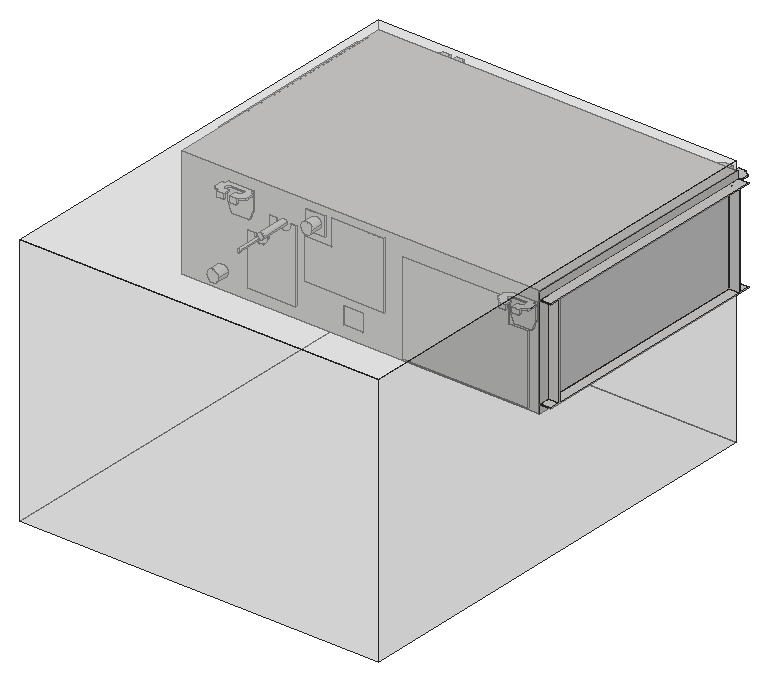
Revit family "outputfile", category 機械設備, Revit 2024
Family settings
  丸型コネクタ寸法 = 半径を使用
  パーツ タイプ = 標準
  OmniClass 番号 = 23.75.10.24.21.27.27
  OmniClass タイトル = Split System Air Conditioning Units
  作業面ベース = いいえ
  常に垂直 = はい
  ロード時にボイドで切り取り = いいえ
  注釈の向きを維持 = いいえ
  共有 = いいえ
  部屋計算ポイント = はい
Parameters (values of type "FXSA32AVM")
  製造元 = "Daikin"
  書き出し IFC クラス(タイプ) = "IfcUnitaryEquipmentType"
  定義済み IFC タイプ(タイプ) = "AIRCONDITIONINGUNIT"
  モデル = "FXSA32AVM"
  switch_frequency = yes
  r_Liquid Pipe Size = Liquid Pipe Size / 2  # 3.2 mm
  r_Gas Pipe Size = Gas Pipe Size / 2  # 6.35 mm
  r_Drain Pipe Size = Drain Pipe Size / 2  # 12.5 mm
  lw_power = 770.0 mm
  lh_SA = 138.0 mm
  lw_SA = if(Width = 550.0 mm, 225.0 mm, if(Width = 700.0 mm, 300.0 mm, if(Width = 1000.0 mm, 450.0 mm, if(Width = 1400.0 mm, 650.0 mm, 725.0 mm))))  # 225.0 mm
  lw_RA = if(Width = 550.0 mm, 275.0 mm, if(Width = 700.0 mm, 349.0 mm, if(Width = 1000.0 mm, 499.0 mm, if(Width = 1400.0 mm, 699.0 mm, 775.0 mm))))  # 275.0 mm
  lh_power = 60.0 mm + [h***]  # 60.0 mm
  lh_mountinghole1 = lh_mountinghole + [h***]  # 222.0 mm
  lh_RA = 123.0 mm
  ld_power = Width / 2  # 275.0 mm
  connector_voltage = Voltage_50Hz  # 220 V
  connector_powerinput = [Power Input (Cooling)]  # 0.066 kW
  connector_phase = Phase_50Hz  # 1
  Voltage_comment_60Hz = "220-230"
  Voltage_comment_50Hz = "220-240"
  Voltage_60Hz = 220 V
  Voltage_50Hz = 220 V
  Total Heating Capacity [instance] = 0.000 kW
  Supply Air Direction [instance] = yes
  Sound Power Level_H speed (dB) = 62
  Power Input (Heating) = 0.061 kW
  Phase_60Hz = 1
  Phase_50Hz = 1
  Nominal Heating Capacity = 4.000 kW
  Minimum External Static Pressure = 30.00 Pa
  Minimum Circuit Amps_60Hz = 0.9 A
  Minimum Circuit Amps_50Hz = 0.9 A
  Maximum Fuse Amps_60Hz = 16.0 A
  Maximum Fuse Amps_50Hz = 16.0 A
  Maximum External Static Pressure = 150.00 Pa
  Material_Casing = DAIKIN_GalvanizedSteel_Casing_indoorunit
  lw_mountinghole = 630.0 mm
  lh_gaspipe = 183.0 mm + [h***]  # 183.0 mm
  lh_mountinghole = 222.0 mm
  lh_liquidpipe = 136.0 mm + [h***]  # 136.0 mm
  lh_drainpipe = 207.0 mm + [h***]  # 207.0 mm
  lh_antena = Height - lh_mountinghole + 1.0 mm  # 24.0 mm
  ld_drainpipe = Width / 2 + 26.0 mm  # 301.0 mm
  ld_liquidpipe = 339.0 mm
  ld_gaspipe = Width / 2 + 65.0 mm  # 340.0 mm
  ld_mountinghole = Width + 38.0 mm  # 588.0 mm
  h*** = 0.0 mm
  lw_liquidpipe = 179.0 mm
  lw_gaspipe = 229.0 mm
  lw_drainpipe = 300.0 mm
  Width = 550.0 mm
  Version = "ver.1.0"
  Unit Type = "Duct_M.S.P."
  Unit Mass Weight = 25.00 kg
  Unit Designation [instance] = ""
  Uniclass2015Version = "Products v1.30"
  Uniclass2015Title = "Variable refrigerant flow units"
  Uniclass2015Code = "Pr_70_65_03_94"
  Total Cooling Capacity [instance] = 0.000 kW
  Sound Pressure Level_M speed (dBA) = 32
  Sound Pressure Level_L speed (dBA) = 30
  Sound Pressure Level_H speed (dBA) = 34
  Series = "VRV Fan Coil Unit"
  Sensible Cooling Capacity [instance] = 0.000 kW
  SA Duct Size Width = 337.0 mm
  SA Duct Size Height = 176.0 mm
  Refrigerant Type = "R32"
  RA Duct Size Width = 502.0 mm
  RA Duct Size Height = 208.0 mm
  Power Input (Cooling) = 0.066 kW
  Option Accessory 3 [instance] = ""
  Option Accessory 2 [instance] = ""
  Option Accessory 1 [instance] = ""
  Nominal Cooling Capacity = 3.600 kW
  Minimum Airflow = 420.00 m³/h
  Median Airflow = 480.00 m³/h
  Maximum Airflow = 570.00 m³/h
  Load Classification = HVAC
  Liquid Pipe Size = 6.4 mm
  Link_Nested Family [instance] = ""
  IfcVersion = ""
  IfcExportType = "AIRCONDITIONINGUNIT"
  IfcExportAs = "IfcUnitaryEquipmentType"
  Height = 245.0 mm
  Heating Entering Wet Bulb Temperature [instance] = -273.15 °C
  Heating Entering Dry Bulb Temperature [instance] = -273.15 °C
  Heating Ambient Wet Bulb Temperature [instance] = -273.15 °C
  Heating Ambient Dry Bulb Temperature [instance] = -273.15 °C
  Heat Exchanger Type = "Cross Fin Coil"
  Gas Pipe Size = 12.7 mm
  Frequency_60Hz = 60 Hz
  Frequency_50Hz = 50 Hz
  Fan Type = "Sirocco Fan"
  Fan Drive = "Direct Drive"
  FCU Tag No. [instance] = ""
  Drain Pipe Size = 25.0 mm
  Design Supply Airflow [instance] = 0.00 m³/h
  Design Return Airflow [instance] = 0.00 m³/h
  Design External Static Pressure [instance] = 0.00 Pa
  Depth = 800.0 mm
  既定の高さ = 0.0 mm
  Cooling Entering Wet Bulb Temperature [instance] = 0.00 °C
  Cooling Entering Dry Bulb Temperature [instance] = 0.00 °C
  Cooling Ambient Wet Bulb Temperature [instance] = 0.00 °C
  Cooling Ambient Dry Bulb Temperature [instance] = 0.00 °C
  Clearance visibility [instance] = yes
  Clearance Top = 20.0 mm
  Clearance Right = 0.0 mm
  Clearance Rear = 0.0 mm
  Clearance Left = 0.0 mm
  Clearance Front = 450.0 mm
  Clearance Bottom = 300.0 mm
Reference planes
  plane 1 "Center (Front/Back)": y = 0
  plane 2 "h": z = 0
  plane 3 "Center (Left/Right)": x = 0
  plane 4 "Back": y = 275
  plane 5 "Front": y = -275
  plane 6 "Left": x = -400
  plane 7 "Right": x = 400
  plane 8 "Top": z = 0
  plane 9 "Bottom": z = -245
  plane 10: y = -215
  plane 11: y = 275
  plane 12: y = -725
  plane 13: x = -400
  plane 14: x = 400
  plane 15: z = 20
  plane 16: z = -545
  plane 17: x = -400
  plane 18: x = -399
  plane 19: x = 399
  plane 20: y = 50
  plane 21: y = 0
  plane 22: z = -122
  plane 23: y = -276
  plane 24: z = -109
  plane 25: x = -221
  plane 26: y = -340
  plane 27: z = -62
  plane 28: x = -171
  plane 29: y = -301
  plane 30: z = -38
  plane 31: x = -100
  plane 32: x = -100
  plane 33: x = -221
  plane 34: x = -171
  plane 35: x = 370
  plane 36: x = -266
  plane 37: x = 364
  plane 38: y = -294
  plane 39: y = 294
  plane 40: z = -23
  plane 41: z = -107
  plane 42: y = -339
  plane 43: z = -207
  plane 44: x = -309
  plane 45: y = -376
  plane 46: x = -251
  plane 47: x = -203
  plane 48: x = -144
  plane 49: z = -59
  plane 50: z = -106
  plane 51: z = -221
  plane 52: z = -109
  plane 53: x = -221
  plane 54: z = -62
  plane 55: x = -171
  plane 56: z = -17
  plane 57: z = -59
  plane 58: x = -121
  plane 59: x = -79
  plane 60: x = -125
  plane 61: x = -64
  plane 62: x = 53
  plane 63: z = -164
  plane 64: z = -73
  plane 65: z = -16
  plane 66: x = 93.5
  plane 67: x = 374.5
  plane 68: x = 330
  plane 69: z = -88.5
  plane 70: z = -38
  plane 71: z = -242.5
  plane 72: x = -38.5
  plane 73: x = 6.5
  plane 74: z = -181
  plane 75: z = -221
  plane 76: y = -274
  plane 77: x = -424
  plane 78: x = 424
Forms (mm)
  Extrusion 1, solid, material "DAIKIN_GalvanizedSteel_Casing_indoorunit" <- "Material_Casing"
    sketch origin (0, 0, 0) x (1, 0, 0) y (0, 1, 0)
      loop
        line (-399, 275) -> (-399, -275) -> (399, -275) -> (399, 275) -> (-399, 275)
    from -245 to 0
  Extrusion 2, solid, material "DAIKIN_GalvanizedSteel_Casing_indoorunit" <- "Material_Casing"
    sketch origin (0, 0, 0) x (1, 0, 0) y (0, 0, 1)
      loop
        line (-251, -221) -> (-144, -221) -> (-144, -59) -> (-154.47, -59)
        arc (-154.47, -59) -> (-171, -78.8) -> (-187.53, -59) r 16.8
        line (-187.53, -59) -> (-203, -59) -> (-203, -106) -> (-206.916, -106)
        arc (-206.916, -106) -> (-221, -123.4) -> (-235.084, -106) r 14.4
        line (-235.084, -106) -> (-251, -106) -> (-251, -221)
    from 275 to 276
  Extrusion 3, solid, material "DAIKIN_GalvanizedSteel_Casing_indoorunit" <- "Material_Casing"
    sketch origin (0, 0, 0) x (1, 0, 0) y (0, 0, 1)
      loop
        line (-121, -17) -> (-121, -59) -> (-79, -59) -> (-79, -17) -> (-121, -17)
      loop
        line (-125, -73) -> (-125, -164) -> (53, -164) -> (53, -16) -> (-64, -16) -> (-64, -73) -> (-125, -73)
    from 275 to 276
  Extrusion 4, solid, material "DAIKIN_GalvanizedSteel_Casing_indoorunit" <- "Material_Casing"
    sketch origin (0, 0, 0) x (1, 0, 0) y (0, 0, 1)
      loop
        line (93.5, -38) -> (93.5, -242.5) -> (374.5, -242.5) -> (374.5, -88.5) -> (330, -88.5) -> (330, -38) -> (93.5, -38)
    from 275 to 276
  Extrusion 5, solid, material "DAIKIN_GalvanizedSteel_Casing_indoorunit" <- "Material_Casing"
    sketch origin (0, 0, 0) x (1, 0, 0) y (0, 0, 1)
      loop
        circle (-221, -109) r 3.2
    from 275 to 339
  Extrusion 6, solid, material "DAIKIN_GalvanizedSteel_Casing_indoorunit" <- "Material_Casing"
    sketch origin (0, 0, 0) x (1, 0, 0) y (0, 0, 1)
      loop
        circle (-171, -62) r 6.35
    from 275 to 340
  Extrusion 7, solid, material "DAIKIN_GalvanizedSteel_Casing_indoorunit" <- "Material_Casing"
    sketch origin (0, 0, 0) x (1, 0, 0) y (0, 0, 1)
      loop
        circle (-100, -38) r 12.5
    from 276 to 301
  Extrusion 8, solid, material "DAIKIN_GalvanizedSteel_Casing_indoorunit" <- "Material_Casing"
    sketch origin (0, 0, 0) x (1, 0, 0) y (0, 0, 1)
      loop
        circle (-309, -207) r 13
    from 275 to 301
  Extrusion 9, void
    sketch origin (0, 0, 0) x (1, 0, 0) y (0, 0, 1)
      loop
        line (-38.5, -181) -> (-38.5, -221) -> (6.5, -221) -> (6.5, -181) -> (-38.5, -181)
    from 274 to 275
Cuts and joins
  Extrusion 9 cuts Extrusion 1
Dimensions and locks
  "Height": plane 8 "Top" to plane 9 "Bottom"
  equal spacing: plane 4 "Back", plane 1 "Center (Front/Back)", plane 5 "Front"
  "Width": plane 4 "Back" to plane 5 "Front"
  equal spacing: plane 6 "Left", plane 3 "Center (Left/Right)", plane 7 "Right"
  "Depth": plane 6 "Left" to plane 7 "Right"
  "Clearance Left": plane 13 to plane 6 "Left"
  "Clearance Right": plane 7 "Right" to plane 14
  "Clearance Rear": plane 11 to plane 4 "Back"
  "Clearance Front": plane 5 "Front" to plane 12
  "Clearance Top": plane 15 to plane 8 "Top"
  "Clearance Bottom": plane 9 "Bottom" to plane 16
  locked: plane 17 to plane 18 at 1
  locked: plane 19 to plane 14 at 1
  "lw_SA": plane 11 to plane 20
  "lw_RA": plane 21 to plane 5 "Front"
  "lh_RA": plane 22 to plane 9 "Bottom"
  locked: plane 5 "Front" to plane 23 at 1
  "lw_liquidpipe": plane 25 to plane 6 "Left"
  "lh_liquidpipe": plane 24 to plane 9 "Bottom"
  "lh_gaspipe": plane 27 to plane 9 "Bottom"
  "lw_gaspipe": plane 28 to plane 6 "Left"
  "ld_gaspipe": plane 26 to plane 1 "Center (Front/Back)"
  "ld_drainpipe": plane 29 to plane 1 "Center (Front/Back)"
  "lh_drainpipe": plane 30 to plane 9 "Bottom"
  "lw_drainpipe": plane 31 to plane 6 "Left"
  "lw_drainpipe": plane 6 "Left" to plane 32
  "lw_liquidpipe": plane 6 "Left" to plane 33
  "lw_gaspipe": plane 6 "Left" to plane 34
  "lw_power": plane 6 "Left" to plane 35
  locked: plane 17 to plane 36 at 134
  "lw_mountinghole": plane 36 to plane 37
  equal spacing: plane 38, plane 1 "Center (Front/Back)", plane 39
  "ld_mountinghole": plane 39 to plane 38
  "lh_mountinghole": plane 40 to plane 9 "Bottom"
  "lh_SA": plane 41 to plane 9 "Bottom"
  locked: plane 44 to plane 6 "Left" at 91
  locked: plane 43 to plane 9 "Bottom" at 38
  plane 48 to plane 47 to plane 46 to plane 6 "Left" = 59.0 mm, 48.0 mm, 149.0 mm
  plane 8 "Top" to plane 49 to plane 50 to plane 51 = 59.0 mm locked, 47.0 mm locked, 115.0 mm locked
  plane 55 to plane 53 to plane 6 "Left" = 50.0 mm locked, 179.0 mm locked
  plane 54 to plane 52 to plane 9 "Bottom" = 47.0 mm locked, 136.0 mm locked
  plane 59 to plane 58 to plane 6 "Left" = 42.0 mm locked, 279.0 mm locked
  plane 8 "Top" to plane 56 to plane 57 = 17.0 mm locked, 42.0 mm locked
  plane 62 to plane 61 to plane 60 to plane 6 "Left" = 117.0 mm, 61.0 mm, 275.0 mm
  plane 8 "Top" to plane 65 to plane 64 = 16.0 mm locked, 57.0 mm locked
  locked: plane 65 to plane 63 at 148
  plane 8 "Top" to plane 70 to plane 69 to plane 71 = 38.0 mm locked, 50.5 mm locked, 154.0 mm locked
  plane 67 to plane 68 to plane 66 to plane 6 "Left" = 44.5 mm locked, 236.5 mm locked, 493.5 mm locked
  plane 8 "Top" to plane 74 to plane 75 = 181.0 mm locked, 40.0 mm locked
  plane 73 to plane 72 to plane 6 "Left" = 45.0 mm, 361.5 mm
  locked: plane 76 to plane 5 "Front" at 1
  locked: plane 77 to plane 17 at 24
  locked: plane 14 to plane 78 at 24
  "ld_liquidpipe": plane 42 to plane 1 "Center (Front/Back)"
  "r_Liquid Pipe Size": radius of Extrusion 5 sketch curve
  "r_Gas Pipe Size": radius of Extrusion 6 sketch curve
  "r_Drain Pipe Size": radius of Extrusion 7 sketch curve
  aligned and locked: level to plane 2 "h"
  aligned and locked: plane 8 "Top" to Extrusion 1
  aligned and locked: Extrusion 1 to plane 9 "Bottom"
  aligned and locked: nested 5 to plane 12
  aligned and locked: plane 13 to nested 5
  aligned and locked: plane 14 to nested 5
  aligned and locked: nested 5 to plane 13
  aligned and locked: plane 11 to nested 5
  aligned and locked: plane 15 to nested 5
  aligned and locked: plane 16 to nested 5
  aligned and locked: plane 5 "Front" to Extrusion 1 sketch curve
  aligned and locked: Extrusion 1 to plane 18
  aligned and locked: plane 19 to Extrusion 1
  aligned and locked: nested 7 to plane 18
  aligned and locked: nested 7 to plane 20
  aligned and locked: plane 19 to nested 8
  aligned and locked: plane 21 to nested 8
  aligned and locked: plane 22 to nested 8
  aligned and locked: Extrusion 2 to plane 23
  aligned and locked: plane 5 "Front" to Extrusion 2
  aligned and locked: Extrusion 3 to plane 23
  aligned and locked: plane 5 "Front" to Extrusion 3
  aligned and locked: plane 5 "Front" to Extrusion 4
  aligned and locked: Extrusion 5 sketch curve to plane 25
  aligned and locked: plane 24 to Extrusion 5 sketch curve
  aligned and locked: plane 5 "Front" to Extrusion 5
  aligned and locked: Extrusion 6 sketch curve to plane 28
  aligned and locked: plane 27 to Extrusion 6 sketch curve
  aligned and locked: plane 5 "Front" to Extrusion 6
  aligned and locked: Extrusion 7 sketch curve to plane 31
  aligned and locked: Extrusion 7 sketch curve to plane 30
  aligned and locked: Extrusion 7 to plane 29
  aligned and locked: plane 23 to Extrusion 7
  aligned and locked: nested 3 to plane 29
  aligned and locked: plane 32 to nested 3
  aligned and locked: nested 2 to plane 33
  aligned and locked: nested 1 to plane 34
  aligned and locked: Extrusion 6 to plane 26
  aligned and locked: nested 1 to plane 26
  aligned and locked: nested 6 to plane 5 "Front"
  aligned and locked: plane 35 to nested 6
  aligned and locked: plane 36 to nested 10
  aligned and locked: nested 10 to plane 5 "Front"
  aligned and locked: plane 37 to nested 9
  aligned and locked: nested 9 to plane 5 "Front"
  aligned and locked: nested 11 to plane 36
  aligned and locked: plane 4 "Back" to nested 11
  aligned and locked: nested 12 to plane 37
  aligned and locked: plane 4 "Back" to nested 12
  aligned and locked: plane 40 to nested 10
  aligned and locked: plane 40 to nested 11
  aligned and locked: plane 40 to nested 9
  aligned and locked: plane 40 to nested 12
  aligned and locked: plane 36 to nested 14
  aligned and locked: nested 14 to plane 39
  aligned and locked: plane 37 to nested 13
  aligned and locked: nested 13 to plane 39
  aligned and locked: plane 37 to nested 16
  aligned and locked: plane 38 to nested 16
  aligned and locked: plane 38 to nested 15
  aligned and locked: plane 36 to nested 15
  aligned and locked: plane 17 to plane 6 "Left"
  aligned and locked: plane 41 to nested 7
  aligned and locked: Extrusion 5 to plane 42
  aligned and locked: nested 2 to plane 42
  aligned and locked: Extrusion 8 sketch curve to plane 44
  aligned and locked: plane 43 to Extrusion 8 sketch curve
  aligned and locked: plane 5 "Front" to Extrusion 8
  aligned and locked: Extrusion 3 sketch curve to plane 56
  aligned and locked: Extrusion 3 sketch curve to plane 58
  aligned and locked: plane 57 to Extrusion 3 sketch curve
  aligned and locked: plane 59 to Extrusion 3 sketch curve
  aligned and locked: Extrusion 4 to plane 23
  aligned and locked: Extrusion 9 sketch curve to plane 74
  aligned and locked: plane 75 to Extrusion 9 sketch curve
  aligned and locked: plane 73 to Extrusion 9 sketch curve
  aligned and locked: plane 5 "Front" to Extrusion 9
  aligned and locked: plane 76 to Extrusion 9
  aligned and locked: nested 17 to plane 20
  aligned and locked: nested 17 to plane 77
  aligned and locked: plane 21 to nested 18
  aligned and locked: plane 78 to nested 18
  aligned and locked: plane 41 to nested 17
  aligned and locked: nested 18 to plane 22
  aligned and locked: nested 4 to plane 3 "Center (Left/Right)"
  aligned and locked: plane 1 "Center (Front/Back)" to nested 4
  aligned and locked: level to plane 8 "Top"
  aligned and locked: Extrusion 8 to plane 29
Automatic sketch dimensions
  plane 6 "Left" to Extrusion 1 sketch curve = 1.0 mm
  Extrusion 1 sketch curve to plane 7 "Right" = 1.0 mm
  Extrusion 1 sketch curve to plane 4 "Back" = 0.0 mm
  Extrusion 2 sketch curve to plane 46 = 0.0 mm
  Extrusion 2 sketch curve to plane 33 = 0.0 mm
  Extrusion 2 sketch curve to plane 47 = 0.0 mm
  Extrusion 2 sketch curve to plane 34 = 0.0 mm
  Extrusion 2 sketch curve to plane 48 = 0.0 mm
  Extrusion 2 sketch curve to plane 51 = 0.0 mm
  Extrusion 2 sketch curve to plane 52 = 0.0 mm
  Extrusion 2 sketch curve to plane 50 = 0.0 mm  (x3)
  Extrusion 2 sketch curve to plane 54 = 0.0 mm
  Extrusion 2 sketch curve to plane 49 = 0.0 mm  (x3)
  plane 33 to Extrusion 2 sketch curve = 14.084 mm
  plane 34 to Extrusion 2 sketch curve = 16.53 mm
  Extrusion 3 sketch curve to plane 60 = 0.0 mm
  Extrusion 3 sketch curve to plane 61 = 0.0 mm
  Extrusion 3 sketch curve to plane 62 = 0.0 mm
  Extrusion 3 sketch curve to plane 63 = 0.0 mm
  Extrusion 3 sketch curve to plane 64 = 0.0 mm
  Extrusion 3 sketch curve to plane 65 = 0.0 mm
  Extrusion 4 sketch curve to plane 66 = 0.0 mm
  Extrusion 4 sketch curve to plane 68 = 0.0 mm
  Extrusion 4 sketch curve to plane 67 = 0.0 mm
  Extrusion 4 sketch curve to plane 71 = 0.0 mm
  Extrusion 4 sketch curve to plane 69 = 0.0 mm
  Extrusion 4 sketch curve to plane 70 = 0.0 mm
  Extrusion 9 sketch curve to plane 72 = 0.0 mm
  radius of Extrusion 8 sketch curve = 13.0 mm
Nested families
  nested 1: "daikin_connector_rotate2" at (-171, 0, -62), length <- "ld_gaspipe", built-in parameter 1001364 <- "lh_gaspipe", radius <- "r_Gas Pipe Size", type "daikin_connector_rotate2"
    with radius 6.35 mm, length 340.0 mm, angle_vertical 90.00°
  nested 2: "daikin_connector_rotate2" at (-221, 0, -109), length <- "ld_liquidpipe", built-in parameter 1001364 <- "lh_liquidpipe", radius <- "r_Liquid Pipe Size", type "daikin_connector_rotate2"
    with radius 3.2 mm, length 339.0 mm, angle_vertical 90.00°
  nested 3: "daikin_connector_rotate2" at (-100, 0, -38), length <- "ld_drainpipe", built-in parameter 1001364 <- "lh_drainpipe", radius <- "r_Drain Pipe Size", type "daikin_connector_rotate2"
    with radius 12.5 mm, length 301.0 mm, angle_vertical 90.00°
  nested 4: "daikin_△_symbolicline" at (0, 0, 245) x (0, -1, 0) z (0, 0, 1), built-in parameter 1001364 <- "Height", visible <- "Supply Air Direction", type "daikin_△_symbolicline"
    with length 200.0 mm
  nested 5: "daikin_clearancespace" at (0, -225, -262.381), visible <- "Clearance visibility", show <- "Clearance visibility", Link_Nested Family <- "Link_Nested Family", type "daikin_clearancespace"
    with width 800.0 mm, show yes, height 565.0 mm, depth 1000.0 mm, Link_Nested Family ""
  nested 6: "daikin_connector_rotate2" at (370, 0, -185), built-in parameter 1001364 <- "lh_power", length <- "ld_power", type "daikin_connector_rotate2"
    with radius 10.0 mm, length 275.0 mm, angle_vertical 90.00°
  nested 7: "daikin_ductflange_FXSA-AVM2" at (-399, 50, -107) x (0, -1, 0) z (0, 0, 1), type "daikin_ductflange_FXSA-AVM2"
    with width 337.0 mm, w1 24.0 mm, w 550.0 mm
  nested 8: "daikin_ductflange_FXSA-AVM" at (399, 0, -122) x (0, 1, 0) z (0, 0, 1), type "daikin_ductflange_FXSA-AVM"
    with width 502.0 mm, lw 25.0 mm, w 550.0 mm
  nested 9: "FXFSA-AVM" at (364, -275, -23), type "daikin_hangerfixture_FXFSA-AVM"
  nested 10: "FXFSA-AVM" at (-266, -275, -23), type "daikin_hangerfixture_FXFSA-AVM"
  nested 11: "FXFSA-AVM" at (-266, 275, -23) x (-1, 0, 0) z (0, 0, 1), type "daikin_hangerfixture_FXFSA-AVM"
  nested 12: "FXFSA-AVM" at (364, 275, -23) x (-1, 0, 0) z (0, 0, 1), type "daikin_hangerfixture_FXFSA-AVM"
  nested 13: "daikin_mountinghole" at (364, 294, -245), h_mountinghole <- "lh_mountinghole1", l_antenna <- "lh_antena", Link_Nested Family <- "Link_Nested Family", type "daikin_mountinghole"
    with show yes, l_antenna 24.0 mm, h_mountinghole 222.0 mm, Link_Nested Family ""
  nested 14: "daikin_mountinghole" at (-266, 294, -245), h_mountinghole <- "lh_mountinghole1", l_antenna <- "lh_antena", Link_Nested Family <- "Link_Nested Family", type "daikin_mountinghole"
    with show yes, l_antenna 24.0 mm, h_mountinghole 222.0 mm, Link_Nested Family ""
  nested 15: "daikin_mountinghole" at (-266, -294, -245), h_mountinghole <- "lh_mountinghole1", l_antenna <- "lh_antena", Link_Nested Family <- "Link_Nested Family", type "daikin_mountinghole"
    with show yes, l_antenna 24.0 mm, h_mountinghole 222.0 mm, Link_Nested Family ""
  nested 16: "daikin_mountinghole" at (364, -294, -245), h_mountinghole <- "lh_mountinghole1", l_antenna <- "lh_antena", Link_Nested Family <- "Link_Nested Family", type "daikin_mountinghole"
    with show yes, l_antenna 24.0 mm, h_mountinghole 222.0 mm, Link_Nested Family ""
  nested 17: "daikin_connector_rotate2" at (-400, 50, -107) x (0, -1, 0) z (0, 0, 1), type "daikin_connector_rotate2"
    with radius 10.0 mm, length 24.0 mm, angle_vertical 90.00°
  nested 18: "daikin_connector_rotate2" at (400, 0, -122) x (0, 1, 0) z (0, 0, 1), type "daikin_connector_rotate2"
    with radius 10.0 mm, length 24.0 mm, angle_vertical 90.00°
Connectors
  piping at (-100, -301, -38), diameter 25, driven by "r_Drain Pipe Size"
    settings: on nested 3, index 3, connector inside diameter 609.6 mm, connector length 0.0 mm, flow factor 0, pipe flow 0.00 m³/h, pressure drop 0.0 Pa, fitting loss kfactor 0, connector angle 0.00°, fixture units 0, engagement length 0.0 mm, angle of deflection 0.00°, flow configuration 1, flow direction 2, fitting loss method 4, system type 16, joint type 0, gender type 0, connector reference index -1, connector utility 0, adjustable connector no, is connector primary yes, connector description "Condensate Drain Piping"
  piping at (-171, -340, -62), diameter 12.7, driven by "r_Gas Pipe Size"
    settings: on nested 1, index 4, connector inside diameter 609.6 mm, connector length 0.0 mm, flow factor 0, pipe flow 0.00 m³/h, pressure drop 0.0 Pa, fitting loss kfactor 0, connector angle 0.00°, fixture units 0, engagement length 0.0 mm, angle of deflection 0.00°, flow configuration 1, flow direction 2, fitting loss method 0, system type 29, joint type 0, gender type 0, connector reference index -1, connector utility 0, adjustable connector no, is connector primary no, connector description "Refrigerant Gas Piping"
  piping at (-221, -339, -109), diameter 6.4, driven by "r_Liquid Pipe Size"
    settings: on nested 2, index 5, connector inside diameter 609.6 mm, connector length 0.0 mm, flow factor 0, pipe flow 0.00 m³/h, pressure drop 0.0 Pa, fitting loss kfactor 0, connector angle 0.00°, fixture units 0, engagement length 0.0 mm, angle of deflection 0.00°, flow configuration 1, flow direction 1, fitting loss method 0, system type 29, joint type 0, gender type 0, connector reference index -1, connector utility 0, adjustable connector no, is connector primary no, connector description "Refrigerant Liquid Piping"
  electrical at (370, -275, -185), driven by "Load Classification", driven by "connector_voltage", driven by "connector_phase", driven by "connector_powerinput"
    settings: on nested 6, index 6, voltage 220 V, apparent load 66 VA, apparent load phase1 0 VA, apparent load phase2 0 VA, apparent load phase3 0 VA, power factor 1, load classification "HVAC", number of poles 1, system type 30, power factor state 1, is connector primary yes, connector utility no, sub classification motor no, connector description "Power Supply"
  hvac at (-424, 50, -107), driven by "SA Duct Size Height", driven by "SA Duct Size Width"
    settings: on nested 17, index 7, duct flow 0.00 m³/h, flow factor 0, pres drop 0.00 Pa, loss coef 0, conn angle 0.00°, conn width 337.0 mm, conn height 176.0 mm, conn diameter 609.6 mm, duct sys type 1, conn prof type 1, flow config 0, flow direction 2, loss method 4, conn ref index -1, conn util no, is conn primary yes, conn desc "SA Duct"
  hvac at (424, 0, -122), driven by "RA Duct Size Height", driven by "RA Duct Size Width"
    settings: on nested 18, index 8, duct flow 0.00 m³/h, flow factor 0, pres drop 0.00 Pa, loss coef 0, conn angle 0.00°, conn width 502.0 mm, conn height 208.0 mm, conn diameter 609.6 mm, duct sys type 2, conn prof type 1, flow config 0, flow direction 1, loss method 4, conn ref index -1, conn util no, is conn primary no, conn desc "RA Duct"
Definition of nested family "daikin_clearancespace"
  Parameters (values of type "daikin_clearancespace")
    Description = "daikin_clearancespace"
    width [instance] = 1823.963 mm
    show [instance] = yes
    material = none
    height [instance] = 1359.762 mm
    depth [instance] = 880.0 mm
    Default Elevation = 0.0 mm
    Link_Nested Family [instance] = ""
  Reference planes
    plane 1 "Center (Front/Back)": y = 0
    plane 2 "Center (Elevation)": z = -0.119
    plane 3 "Center (Left/Right)": x = 0
    plane 4: y = 440
    plane 5: y = -440
    plane 6 "Right": x = 911.982
    plane 7 "Left": x = -911.982
    plane 8 "Top": z = 679.762
    plane 9 "Bottom": z = -680
  Forms (mm)
    Extrusion 1, solid, material <- "material", visible <- "show"
      sketch origin (0, 0, 0) x (1, 0, 0) y (0, 1, 0)
        loop
          line (-911.982, 440) -> (-911.982, -440) -> (911.982, -440) -> (911.982, 440) -> (-911.982, 440)
      from -680 to 679.762
  Lines and regions (mm)
    symbolic lines, visible <- "show"
      curve 1: line (911.982, 440, 0) -> (-911.982, 440, 0)
      curve 2: line (-911.982, 440, 0) -> (-911.982, -440, 0)
      curve 3: line (-911.982, -440, 0) -> (911.982, -440, 0)
      curve 4: line (911.982, -440, 0) -> (911.982, 440, 0)
      curve 5: line (911.982, 0, 679.762) -> (-911.982, 0, 679.762)
      curve 6: line (911.982, 0, -680) -> (911.982, 0, 679.762)
      curve 7: line (-911.982, 0, -680) -> (911.982, 0, -680)
      curve 8: line (-911.982, 0, 679.762) -> (-911.982, 0, -680)
      curve 9: line (0, 440, 679.762) -> (0, -440, 679.762)
      curve 10: line (0, -440, 679.762) -> (0, -440, -680)
      curve 11: line (0, 440, -680) -> (0, 440, 679.762)
      curve 12: line (0, -440, -680) -> (0, 440, -680)
  Dimensions and locks
    "width": plane 7 "Left" to plane 6 "Right"
    "depth": plane 4 to plane 5
    "height": plane 8 "Top" to plane 9 "Bottom"
    equal spacing: plane 7 "Left", plane 3 "Center (Left/Right)", plane 6 "Right"
    equal spacing: plane 4, plane 1 "Center (Front/Back)", plane 5
    equal spacing: plane 8 "Top", plane 2 "Center (Elevation)", plane 9 "Bottom"
    aligned and locked: level to plane 2 "Center (Elevation)"
    aligned and locked: Extrusion 1 sketch curve to plane 4
    aligned and locked: plane 7 "Left" to Extrusion 1 sketch curve
    aligned and locked: Extrusion 1 sketch curve to plane 5
    aligned and locked: Extrusion 1 sketch curve to plane 6 "Right"
    aligned and locked: plane 8 "Top" to Extrusion 1
    aligned and locked: curve 1 to Extrusion 1
    aligned and locked: curve 2 to Extrusion 1
    aligned and locked: curve 3 to Extrusion 1
    aligned and locked: curve 4 to Extrusion 1
    aligned and locked: curve 5 to Extrusion 1
    aligned and locked: curve 6 to Extrusion 1
    aligned and locked: curve 7 to Extrusion 1
    aligned and locked: curve 8 to Extrusion 1
    aligned and locked: curve 9 to Extrusion 1
    aligned and locked: curve 10 to Extrusion 1
    aligned and locked: curve 11 to Extrusion 1
    aligned and locked: curve 12 to Extrusion 1
    aligned and locked: Extrusion 1 to plane 9 "Bottom"
Definition of nested family "daikin_ductflange_FXSA-AVM2"
  Parameters (values of type "daikin_ductflange_FBA-BVMA2")
    width = if(w = 550.0 mm, 337.0 mm, if(w = 700.0 mm, 492.0 mm, if(w = 1000.0 mm, 792.0 mm, if(w = 1400.0 mm, 1192.0 mm, 1337.0 mm))))  # 492.0 mm
    w1 = if(w = 550.0 mm, 24.0 mm, if(w = 700.0 mm, 21.5 mm, if(w = 1000.0 mm, 21.5 mm, if(w = 1400.0 mm, 21.5 mm, 24.0 mm))))  # 21.5 mm
    material = none
    height = 215.0 mm
    depth = 1.0 mm
    w = 700.0 mm
    Default Elevation = 0.0 mm
  Reference planes
    plane 1 "Center (Front/Back)": y = 0
    plane 2: z = 0
    plane 3 "Center (Left/Right)": x = 0
    plane 4: z = 88
    plane 5: z = -88
    plane 6: y = -25
    plane 7: z = 106
    plane 8: z = 89
    plane 9: y = -1
    plane 10: x = -267.5
    plane 11: x = 267.5
    plane 12: z = -106
    plane 13: z = -89
    plane 14: y = -1
    plane 15: x = 246
    plane 16: x = -246
    plane 17: x = 247
    plane 18: z = 87
    plane 19: z = -87
    plane 20: x = -247
    plane 21: z = 87
    plane 22: z = -87
    plane 23: y = -1
  Forms (mm)
    Extrusion 1, solid, material <- "material"
      sketch origin (0, 0, 0) x (0, 1, 0) y (0, 0, 1)
        loop
          line (-25, 88) -> (0, 88) -> (0, 106) -> (-1, 106) -> (-1, 89) -> (-25, 89) -> (-25, 88)
      from -267.5 to 267.5
    Extrusion 2, solid, material <- "material"
      sketch origin (0, 0, 0) x (0, 1, 0) y (0, 0, 1)
        loop
          line (-25, -88) -> (-25, -89) -> (-1, -89) -> (-1, -106) -> (0, -106) -> (0, -88) -> (-25, -88)
      from -267.5 to 267.5
    Extrusion 3, solid, material <- "material"
      sketch origin (0, 0, 0) x (1, 0, 0) y (0, 0, 1)
        loop
          line (246, 88) -> (246, -88) -> (267.5, -88) -> (267.5, -87) -> (247, -87) -> (247, 87) -> (267.5, 87) -> (267.5, 88) -> (246, 88)
      from 0 to 25
    Extrusion 4, solid, material <- "material"
      sketch origin (0, 0, 0) x (1, 0, 0) y (0, 0, 1)
        loop
          line (-267.5, 88) -> (-267.5, 87) -> (-247, 87) -> (-247, -87) -> (-267.5, -87) -> (-267.5, -88) -> (-246, -88) -> (-246, 88) -> (-267.5, 88)
      from 0 to 25
    Extrusion 5, solid, material <- "material"
      sketch origin (0, 0, 0) x (1, 0, 0) y (0, 0, 1)
        loop
          line (-267.5, 88) -> (-267.5, -88) -> (-246, -88) -> (-246, 88) -> (-267.5, 88)
        loop
          line (267.5, 88) -> (246, 88) -> (246, -88) -> (267.5, -88) -> (267.5, 88)
      from 0 to 1
  Cuts and joins
    joined: Extrusion 1, Extrusion 2, Extrusion 3, Extrusion 4, Extrusion 5
  Dimensions and locks
    plane 4 to level to plane 5 = 88.0 mm, 88.0 mm
    locked: plane 6 to plane 1 "Center (Front/Back)" at 25
    locked: plane 9 to plane 1 "Center (Front/Back)" at 1
    locked: plane 8 to plane 4 at 1
    "w1": plane 16 to plane 10
    locked: plane 17 to plane 15 at 1
    locked: plane 4 to plane 18 at 1
    locked: plane 19 to plane 5 at 1
    "width": plane 15 to plane 16
    plane 4 to plane 5 = 176.0 mm
    locked: plane 16 to plane 20 at 1
    locked: plane 4 to plane 21 at 1
    locked: plane 22 to plane 5 at 1
    locked: plane 23 to plane 1 "Center (Front/Back)" at 1
    plane 4 to level to plane 5 = 88.0 mm locked, 88.0 mm locked
    locked: plane 5 to plane 13 at 1
    locked: plane 5 to plane 12 at 18
    locked: plane 7 to plane 4 at 18
    equal spacing: plane 15, plane 3 "Center (Left/Right)", plane 16
    "w1": plane 11 to plane 15
    plane 11 to plane 10 = 535.0 mm
    aligned and locked: level to plane 2
    aligned and locked: Extrusion 1 to plane 10
    aligned and locked: plane 11 to Extrusion 1
    aligned and locked: plane 5 to Extrusion 2
    aligned and locked: Extrusion 2 to plane 1 "Center (Front/Back)"
    aligned and locked: plane 15 to Extrusion 3 sketch curve
    aligned and locked: Extrusion 3 sketch curve to Extrusion 2  (x2)
    aligned and locked: Extrusion 3 sketch curve to plane 11
    aligned and locked: plane 6 to Extrusion 3
    aligned and locked: Extrusion 2 to plane 10
    aligned and locked: plane 11 to Extrusion 2
    aligned and locked: Extrusion 4 sketch curve to Extrusion 1  (x2)
    aligned and locked: plane 5 to Extrusion 4 sketch curve
    aligned and locked: Extrusion 4 sketch curve to plane 16
    aligned and locked: Extrusion 4 sketch curve to plane 22
    aligned and locked: plane 20 to Extrusion 4 sketch curve
    aligned and locked: plane 21 to Extrusion 4 sketch curve
    aligned and locked: Extrusion 4 to plane 1 "Center (Front/Back)"
    aligned and locked: plane 6 to Extrusion 4
    aligned and locked: Extrusion 5 sketch curve to Extrusion 1  (x4)
    aligned and locked: Extrusion 5 sketch curve to Extrusion 4  (x2)
    aligned and locked: Extrusion 5 sketch curve to Extrusion 3  (x2)
    aligned and locked: Extrusion 5 to plane 1 "Center (Front/Back)"
    aligned and locked: plane 23 to Extrusion 5
  Automatic sketch dimensions
    Extrusion 1 sketch curve to plane 6 = 0.0 mm
    Extrusion 1 sketch curve to plane 7 = 0.0 mm
    Extrusion 1 sketch curve to plane 9 = 0.0 mm
    Extrusion 1 sketch curve to plane 1 "Center (Front/Back)" = 0.0 mm
    Extrusion 1 sketch curve to plane 4 = 0.0 mm
    Extrusion 1 sketch curve to plane 8 = 0.0 mm
    Extrusion 2 sketch curve to plane 6 = 0.0 mm
    plane 12 to Extrusion 2 sketch curve = 0.0 mm
    Extrusion 2 sketch curve to plane 14 = 0.0 mm
    Extrusion 2 sketch curve to plane 1 "Center (Front/Back)" = 0.0 mm
    plane 13 to Extrusion 2 sketch curve = 0.0 mm
    Extrusion 2 sketch curve to plane 5 = 0.0 mm
    Extrusion 3 sketch curve to plane 17 = 0.0 mm
    Extrusion 3 sketch curve to plane 19 = 0.0 mm
    Extrusion 3 sketch curve to plane 18 = 0.0 mm
    Extrusion 3 sketch curve to plane 4 = 0.0 mm
    Extrusion 4 sketch curve to plane 10 = 0.0 mm
Definition of nested family "daikin_ductflange_FXSA-AVM"
  Parameters (values of type "daikin_ductflange_FBFC-DVMG")
    width = if(w = 550.0 mm, 502.0 mm, if(w = 700.0 mm, 654.0 mm, if(w = 1000.0 mm, 952.0 mm, if(w = 1400.0 mm, 1352.0 mm, 1502.0 mm))))  # 654.0 mm
    material = none
    lw = if(width = 654.0 mm, 23.0 mm, 25.0 mm)  # 23.0 mm
    height = 208.0 mm
    depth = 1.0 mm
    w = 700.0 mm
    Default Elevation = 0.0 mm
  Reference planes
    plane 1 "Center (Front/Back)": y = 0
    plane 2: z = 0
    plane 3 "Center (Left/Right)": x = 0
    plane 4: z = 104
    plane 5: z = -104
    plane 6: y = -25
    plane 7: z = 121
    plane 8: z = 105
    plane 9: y = -1
    plane 10: x = -350
    plane 11: x = 350
    plane 12: z = -122
    plane 13: z = -105
    plane 14: y = -1
    plane 15: x = 327
    plane 16: x = -327
    plane 17: x = 328
    plane 18: z = 103
    plane 19: z = -103
    plane 20: x = -328
    plane 21: z = 103
    plane 22: z = -103
    plane 23: y = -1
  Forms (mm)
    Extrusion 1, solid, material <- "material"
      sketch origin (0, 0, 0) x (0, 1, 0) y (0, 0, 1)
        loop
          line (-25, 104) -> (0, 104) -> (0, 121) -> (-1, 121) -> (-1, 105) -> (-25, 105) -> (-25, 104)
      from -350 to 350
    Extrusion 2, solid, material <- "material"
      sketch origin (0, 0, 0) x (0, 1, 0) y (0, 0, 1)
        loop
          line (-25, -104) -> (-25, -105) -> (-1, -105) -> (-1, -122) -> (0, -122) -> (0, -104) -> (-25, -104)
      from -350 to 350
    Extrusion 3, solid, material <- "material"
      sketch origin (0, 0, 0) x (1, 0, 0) y (0, 0, 1)
        loop
          line (327, 104) -> (327, -104) -> (350, -104) -> (350, -103) -> (328, -103) -> (328, 103) -> (350, 103) -> (350, 104) -> (327, 104)
      from 0 to 25
    Extrusion 4, solid, material <- "material"
      sketch origin (0, 0, 0) x (1, 0, 0) y (0, 0, 1)
        loop
          line (-350, 104) -> (-350, 103) -> (-328, 103) -> (-328, -103) -> (-350, -103) -> (-350, -104) -> (-327, -104) -> (-327, 104) -> (-350, 104)
      from 0 to 25
    Extrusion 5, solid, material <- "material"
      sketch origin (0, 0, 0) x (1, 0, 0) y (0, 0, 1)
        loop
          line (-350, 104) -> (-350, -104) -> (-327, -104) -> (-327, 104) -> (-350, 104)
        loop
          line (350, 104) -> (327, 104) -> (327, -104) -> (350, -104) -> (350, 104)
      from 0 to 1
  Cuts and joins
    joined: Extrusion 1, Extrusion 2, Extrusion 3, Extrusion 4, Extrusion 5
  Dimensions and locks
    plane 4 to level to plane 5 = 104.0 mm, 104.0 mm
    locked: plane 6 to plane 1 "Center (Front/Back)" at 25
    locked: plane 9 to plane 1 "Center (Front/Back)" at 1
    locked: plane 8 to plane 4 at 1
    "lw": plane 11 to plane 15
    "lw": plane 16 to plane 10
    locked: plane 17 to plane 15 at 1
    locked: plane 4 to plane 18 at 1
    locked: plane 19 to plane 5 at 1
    "width": plane 15 to plane 16
    equal spacing: plane 15, plane 3 "Center (Left/Right)", plane 16
    locked: plane 16 to plane 20 at 1
    locked: plane 4 to plane 21 at 1
    locked: plane 22 to plane 5 at 1
    locked: plane 23 to plane 1 "Center (Front/Back)" at 1
    locked: plane 7 to plane 4 at 17
    locked: plane 1 "Center (Front/Back)" to plane 14 at 1
    locked: plane 5 to plane 13 at 1
    "height": plane 4 to plane 5
    plane 11 to plane 10 = 700.0 mm
    locked: plane 12 to plane 13 at 17
    equal spacing: plane 4, level, plane 5
    aligned and locked: level to plane 2
    aligned and locked: Extrusion 1 to plane 10
    aligned and locked: plane 11 to Extrusion 1
    aligned and locked: plane 5 to Extrusion 2
    aligned and locked: Extrusion 2 to plane 1 "Center (Front/Back)"
    aligned and locked: plane 15 to Extrusion 3 sketch curve
    aligned and locked: Extrusion 3 sketch curve to Extrusion 2  (x2)
    aligned and locked: Extrusion 3 sketch curve to plane 11
    aligned and locked: plane 6 to Extrusion 3
    aligned and locked: Extrusion 2 to plane 10
    aligned and locked: plane 11 to Extrusion 2
    aligned and locked: Extrusion 4 sketch curve to Extrusion 1  (x2)
    aligned and locked: plane 5 to Extrusion 4 sketch curve
    aligned and locked: Extrusion 4 sketch curve to plane 16
    aligned and locked: Extrusion 4 sketch curve to plane 22
    aligned and locked: plane 20 to Extrusion 4 sketch curve
    aligned and locked: plane 21 to Extrusion 4 sketch curve
    aligned and locked: Extrusion 4 to plane 1 "Center (Front/Back)"
    aligned and locked: plane 6 to Extrusion 4
    aligned and locked: Extrusion 5 sketch curve to Extrusion 1  (x4)
    aligned and locked: Extrusion 5 sketch curve to Extrusion 4  (x2)
    aligned and locked: Extrusion 5 sketch curve to Extrusion 3  (x2)
    aligned and locked: Extrusion 5 to plane 1 "Center (Front/Back)"
    aligned and locked: plane 23 to Extrusion 5
  Automatic sketch dimensions
    Extrusion 1 sketch curve to plane 6 = 0.0 mm
    Extrusion 1 sketch curve to plane 7 = 0.0 mm
    Extrusion 1 sketch curve to plane 9 = 0.0 mm
    Extrusion 1 sketch curve to plane 1 "Center (Front/Back)" = 0.0 mm
    Extrusion 1 sketch curve to plane 4 = 0.0 mm
    Extrusion 1 sketch curve to plane 8 = 0.0 mm
    Extrusion 2 sketch curve to plane 6 = 0.0 mm
    plane 12 to Extrusion 2 sketch curve = 0.0 mm
    Extrusion 2 sketch curve to plane 14 = 0.0 mm
    Extrusion 2 sketch curve to plane 1 "Center (Front/Back)" = 0.0 mm
    plane 13 to Extrusion 2 sketch curve = 0.0 mm
    Extrusion 2 sketch curve to plane 5 = 0.0 mm
    Extrusion 3 sketch curve to plane 17 = 0.0 mm
    Extrusion 3 sketch curve to plane 19 = 0.0 mm
    Extrusion 3 sketch curve to plane 18 = 0.0 mm
    Extrusion 3 sketch curve to plane 4 = 0.0 mm
    Extrusion 4 sketch curve to plane 10 = 0.0 mm
Definition of nested family "FXFSA-AVM"
  Parameters (values of type "daikin_hangerfixture_FXMQ-PAVE")
    width = 72.0 mm
    material = none
    height = 60.0 mm
    depth = 41.0 mm
    Default Elevation = 0.0 mm
  Reference planes
    plane 1 "Center (Front/Back)": y = 0
    plane 2: z = 0
    plane 3 "Center (Left/Right)": x = 0
    plane 4: y = 417.146
    plane 5: y = -41
    plane 6: x = -36
    plane 7: x = 36
    plane 8: z = -2.3
    plane 9: z = -60
    plane 10: y = -2.3
    plane 11: z = -12
    plane 12: y = -38.7
  Forms (mm)
    Extrusion 1, solid, material <- "material"
      sketch origin (0, 0, 0) x (1, 0, 0) y (0, 1, 0)
        loop
          line (-28, 0) -> (-28, -5)
          arc (-28, -5) -> (-29.127, -8.162) -> (-32, -9.899) r 5
          arc (-32, -9.899) -> (-34.873, -11.636) -> (-36, -14.798) r 5
          line (-36, -14.798) -> (-36, -27.178)
          arc (-36, -27.178) -> (-35.429, -29.499) -> (-33.846, -31.289) r 5
          line (-33.846, -31.289) -> (-23, -38.798) -> (-23, -41.098) -> (-6.5, -41.098) -> (-6.5, -28.498)
          arc (-6.5, -28.498) -> (-7.379, -26.377) -> (-9.5, -25.498) r 3
          line (-9.5, -25.498) -> (-13.5, -25.498)
          arc (-13.5, -25.498) -> (-20, -18.998) -> (-13.5, -12.498) r 6.5
          line (-13.5, -12.498) -> (13.5, -12.498)
          arc (13.5, -12.498) -> (20, -18.998) -> (13.5, -25.498) r 6.5
          line (13.5, -25.498) -> (9.5, -25.498)
          arc (9.5, -25.498) -> (7.379, -26.377) -> (6.5, -28.498) r 3
          line (6.5, -28.498) -> (6.5, -41.098) -> (23, -41.098) -> (23, -38.798) -> (33.846, -31.289)
          arc (33.846, -31.289) -> (35.429, -29.499) -> (36, -27.178) r 5
          line (36, -27.178) -> (36, -14.596)
          arc (36, -14.596) -> (34.873, -11.434) -> (32, -9.697) r 5
          arc (32, -9.697) -> (29.127, -7.96) -> (28, -4.798) r 5
          line (28, -4.798) -> (28, 0) -> (-28, 0)
      from 0 to -2.3
    Extrusion 2, solid, material <- "material"
      sketch origin (0, 0, 0) x (1, 0, 0) y (0, 0, 1)
        loop
          line (28, -39.037) -> (28, 0) -> (-28, 0) -> (-28, -39.037)
          arc (-28, -39.037) -> (-27.91, -39.983) -> (-27.642, -40.894) r 5
          line (-27.642, -40.894) -> (-21.257, -56.857)
          arc (-21.257, -56.857) -> (-19.418, -59.14) -> (-16.615, -60) r 5
          line (-16.615, -60) -> (16.615, -60)
          arc (16.615, -60) -> (19.418, -59.14) -> (21.257, -56.857) r 5
          line (21.257, -56.857) -> (27.642, -40.894)
          arc (27.642, -40.894) -> (27.91, -39.983) -> (28, -39.037) r 5
      from 0 to 2.3
    Extrusion 3, solid, material <- "material"
      sketch origin (0, 0, 0) x (1, 0, 0) y (0, 0, 1)
        loop
          line (-23, 0) -> (-23, -9)
          arc (-23, -9) -> (-22.121, -11.121) -> (-20, -12) r 3
          line (-20, -12) -> (-9.5, -12)
          arc (-9.5, -12) -> (-7.379, -11.121) -> (-6.5, -9) r 3
          line (-6.5, -9) -> (-6.5, 0) -> (-23, 0)
        loop
          line (23, 0) -> (6.5, 0) -> (6.5, -9)
          arc (6.5, -9) -> (7.379, -11.121) -> (9.5, -12) r 3
          line (9.5, -12) -> (20, -12)
          arc (20, -12) -> (22.121, -11.121) -> (23, -9) r 3
          line (23, -9) -> (23, 0)
      from 38.8 to 41.098
  Cuts and joins
    joined: Extrusion 1, Extrusion 2, Extrusion 3
  Dimensions and locks
    plane 2 to plane 8 = 2.3 mm
    "height": plane 2 to plane 9
    locked: plane 10 to plane 1 "Center (Front/Back)" at 2.3
    locked: plane 2 to plane 11 at 12
    locked: plane 12 to plane 5 at 2.3
    aligned and locked: level to plane 2
    aligned and locked: Extrusion 1 to plane 8
    aligned and locked: plane 2 to Extrusion 1
    aligned and locked: plane 2 to Extrusion 2 sketch curve
    aligned and locked: Extrusion 2 to plane 10
    aligned and locked: Extrusion 2 to plane 1 "Center (Front/Back)"
    aligned and locked: Extrusion 3 sketch curve to cut or joined group of Extrusion 1, Extrusion 2, Extrusion 3  (x3)
    aligned and locked: cut or joined group of Extrusion 1, Extrusion 2, Extrusion 3 to Extrusion 3
  Automatic sketch dimensions
    Extrusion 2 sketch curve to plane 7 = 8.0 mm
    Extrusion 2 sketch curve to plane 8 = 36.737 mm
    plane 6 to Extrusion 2 sketch curve = 19.385 mm
    Extrusion 1 sketch curve to plane 6 = 0.0 mm
    plane 1 "Center (Front/Back)" to Extrusion 1 sketch curve = 0.0 mm
    Extrusion 1 sketch curve to plane 7 = 0.0 mm
    plane 6 to Extrusion 1 sketch curve = 2.154 mm
    plane 6 to Extrusion 1 sketch curve = 3.0 mm
    Extrusion 1 sketch curve to Extrusion 1 sketch curve = 5.0 mm  (x3)
    Extrusion 1 sketch curve to plane 12 = 0.098 mm  (x2)
    Extrusion 1 sketch curve to Extrusion 1 sketch curve = 4.0 mm  (x2)
    Extrusion 1 sketch curve to plane 5 = 0.098 mm  (x2)
    Extrusion 1 sketch curve to plane 3 "Center (Left/Right)" = 6.5 mm
    plane 3 "Center (Left/Right)" to Extrusion 1 sketch curve = 6.5 mm
    Extrusion 1 sketch curve to Extrusion 1 sketch curve = 3.0 mm
    Extrusion 1 sketch curve to plane 7 = 8.0 mm
    Extrusion 1 sketch curve to plane 7 = 5.0 mm
    Extrusion 1 sketch curve to plane 7 = 3.0 mm
    Extrusion 1 sketch curve to plane 7 = 2.154 mm
    plane 12 to Extrusion 1 sketch curve = 7.411 mm  (x2)
    plane 12 to Extrusion 1 sketch curve = 10.202 mm  (x2)
    Extrusion 1 sketch curve to Extrusion 1 sketch curve = 6.5 mm  (x2)
    Extrusion 1 sketch curve to Extrusion 1 sketch curve = 12.38 mm
    Extrusion 1 sketch curve to plane 10 = 12.296 mm
    Extrusion 1 sketch curve to plane 10 = 2.7 mm
    Extrusion 1 sketch curve to plane 10 = 2.498 mm
    plane 6 to Extrusion 1 sketch curve = 4.0 mm
    Extrusion 1 sketch curve to Extrusion 1 sketch curve = 0.0 mm  (x2)
    Extrusion 1 sketch curve to plane 7 = 4.0 mm
    Extrusion 1 sketch curve to Extrusion 1 sketch curve = 4.111 mm
    Extrusion 3 sketch curve to level = 0.0 mm  (x2)
    Extrusion 3 sketch curve to plane 11 = 0.0 mm  (x2)
    plane 11 to Extrusion 3 sketch curve = 3.0 mm  (x2)
    plane 3 "Center (Left/Right)" to Extrusion 3 sketch curve = 6.5 mm
    Extrusion 3 sketch curve to Extrusion 3 sketch curve = 3.0 mm  (x2)
    Extrusion 2 sketch curve to plane 9 = 0.0 mm
    Extrusion 2 sketch curve to Extrusion 2 sketch curve = 11.385 mm
    plane 6 to Extrusion 2 sketch curve = 8.0 mm
    plane 9 to Extrusion 2 sketch curve = 20.963 mm
    Extrusion 2 sketch curve to Extrusion 2 sketch curve = 5.0 mm  (x2)
    plane 9 to Extrusion 2 sketch curve = 3.143 mm  (x3)
    Extrusion 2 sketch curve to Extrusion 2 sketch curve = 4.642 mm  (x2)
    Extrusion 2 sketch curve to Extrusion 2 sketch curve = 0.0 mm  (x2)
    Extrusion 2 sketch curve to Extrusion 2 sketch curve = 0.358 mm
    Extrusion 2 sketch curve to Extrusion 2 sketch curve = 1.857 mm  (x2)
Definition of nested family "daikin_connector_rotate2"
  Parameters (values of type "daikin_connector_rotate2")
    Default Elevation = 1219.2 mm
    show_face = no
    radius [instance] = 10.0 mm
    length [instance] = 600.0 mm
    d_surface = 10.0 mm
    angle_vertical [instance] = 90.00°
  Reference planes
    plane 1 "Center (Front/Back)": y = 0
    plane 2: z = 0
    plane 3 "Center (Left/Right)": x = 0
  Forms (mm)
    Extrusion 1, solid, visible <- "show_face"
      sketch origin (0, -600, 0) x (1, 0, 0) y (0, 0, 1)
        loop
          circle (0, 0) r 10
      from 0 to -10
  Lines and regions (mm)
    reference lines
      curve 1: line (0, 0, 0) -> (0, -600, 0)
    symbolic lines
      curve 2: circle (0, 0, 0) r 5 normal (0, 0, 1)
    model lines, visible <- "show_face"
      curve 3: line (0, 0, 0) -> (0, -600, 0)
  Dimensions and locks
    "length": curve 1 to curve 1
    "length": curve 3 to curve 3
    "d_surface": Extrusion 1 to Extrusion 1
    "radius": radius of Extrusion 1 sketch curve
    "angle_vertical": angle curve 1 to plane 1 "Center (Front/Back)"
    "angle_vertical": angle curve 3 to plane 1 "Center (Front/Back)"
    aligned and locked: level to plane 2
    aligned and locked: plane 1 "Center (Front/Back)" to curve 1
    aligned and locked: plane 2 to curve 1
    aligned and locked: plane 1 "Center (Front/Back)" to curve 2
    aligned and locked: plane 3 "Center (Left/Right)" to curve 2
    aligned and locked: plane 1 "Center (Front/Back)" to curve 3
    aligned and locked: plane 2 to curve 3
    aligned and locked: Extrusion 1 to Extrusion 1
  Automatic sketch dimensions
    Extrusion 1 sketch curve to level = 0.0 mm
    Extrusion 1 sketch curve to plane 3 "Center (Left/Right)" = 0.0 mm
    radius of curve 2 = 5.0 mm
Definition of nested family "daikin_△_symbolicline"
  Parameters (values of type "daikin_△_symbolicline")
    length [instance] = 200.0 mm
    Default Elevation = 0.0 mm
  Reference planes
    plane 1 "Center (Front/Back)": y = 0
    plane 2: z = 0
    plane 3 "Center (Left/Right)": x = 0
  Lines and regions (mm)
    symbolic lines
      curve 1: line (0, -173.205, 0) -> (100, 0, 0)
      curve 2: line (100, 0, 0) -> (-100, 0, 0)
      curve 3: line (-100, 0, 0) -> (0, -173.205, 0)
  Dimensions and locks
    equal spacing: curve 3, plane 3 "Center (Left/Right)", curve 2
    "length": curve 3 to curve 2
    "length": curve 3 to curve 3
    "length": curve 1 to curve 1
    aligned and locked: level to plane 2
    aligned and locked: curve 2 to plane 1 "Center (Front/Back)"
    aligned and locked: plane 3 "Center (Left/Right)" to curve 3
Definition of nested family "daikin_mountinghole"
  Parameters (values of type "daikin_mountinghole")
    Default Elevation = 1219.2 mm
    Type Comments = "mountinghole"
    show [instance] = yes
    material = none
    l_centerline = 100.0 mm
    l_antenna [instance] = 100.0 mm
    h_mountinghole [instance] = 0.0 mm
    d_circle = 30.0 mm
    Link_Nested Family [instance] = ""
  Reference planes
    plane 1 "Center (Front/Back)": y = 0
    plane 2: z = 0
    plane 3 "Center (Left/Right)": x = 0
    plane 4: y = 50
    plane 5: x = -50
    plane 6: x = 50
    plane 7: y = -50
    plane 8 "h_mountinghole": z = 0
    plane 9: z = 100
  Lines and regions (mm)
    model lines, detail levels fine
      curve 1: circle (0, 0, 0) r 15 normal (0, 0, 1)
      curve 2: line (-50, 0, 0) -> (50, 0, 0)
      curve 3: line (0, 50, 0) -> (0, -50, 0)
    symbolic lines, detail levels fine
      curve 4: circle (0, 0, 0) r 15 normal (0, 0, 1)
      curve 5: line (-50, 0, 0) -> (50, 0, 0)
      curve 6: line (0, 50, 0) -> (0, -50, 0)
    model lines
      curve 7: line (0, 0, 100) -> (0, 0, 0)
  Dimensions and locks
    equal spacing: plane 4, plane 1 "Center (Front/Back)", plane 7
    "l_centerline": plane 4 to plane 7
    equal spacing: plane 5, plane 3 "Center (Left/Right)", plane 6
    "l_centerline": plane 5 to plane 6
    "l_antenna": plane 9 to plane 8 "h_mountinghole"
    "h_mountinghole": plane 8 "h_mountinghole" to plane 2
    "d_circle": diameter of curve 1
    "d_circle": diameter of curve 4
    aligned and locked: level to plane 2
    aligned and locked: plane 1 "Center (Front/Back)" to curve 1
    aligned and locked: plane 3 "Center (Left/Right)" to curve 1
    aligned and locked: plane 1 "Center (Front/Back)" to curve 2
    aligned and locked: curve 3 to plane 3 "Center (Left/Right)"
    aligned and locked: plane 6 to curve 2
    aligned and locked: plane 5 to curve 2
    aligned and locked: plane 4 to curve 3
    aligned and locked: plane 7 to curve 3
    aligned and locked: plane 1 "Center (Front/Back)" to curve 4
    aligned and locked: plane 3 "Center (Left/Right)" to curve 4
    aligned and locked: plane 6 to curve 5
    aligned and locked: plane 5 to curve 5
    aligned and locked: plane 1 "Center (Front/Back)" to curve 5
    aligned and locked: plane 4 to curve 6
    aligned and locked: plane 7 to curve 6
    aligned and locked: curve 6 to plane 3 "Center (Left/Right)"
    aligned and locked: curve 7 to plane 3 "Center (Left/Right)"
    aligned and locked: plane 9 to curve 7
    aligned and locked: plane 8 "h_mountinghole" to curve 7
